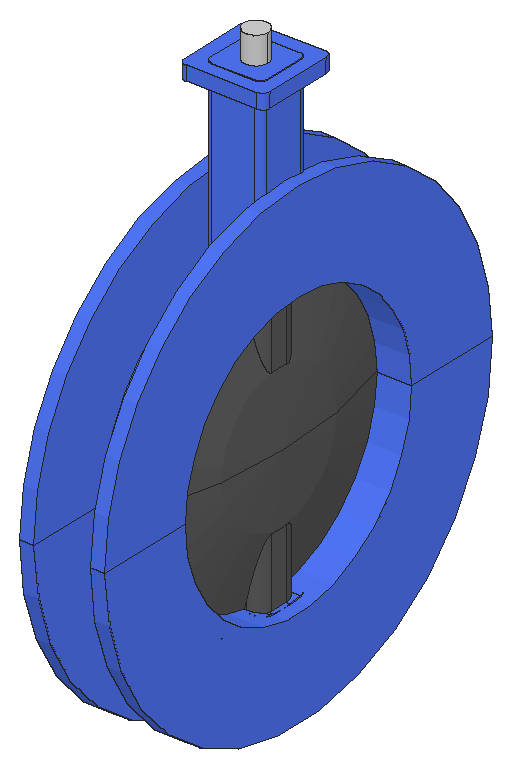
Revit family "820-20-028-DN150-1600", category Generic Models, Revit 2019
Family settings
  Can host rebar = No
  Round Connector Dimension = Use Diameter
  Part Type = Normal
  Work Plane-Based = No
  Always vertical = Yes
  Cut with Voids When Loaded = No
  Shared = No
  Room Calculation Point = No
Parameters (values of type "DN0200_PN10")
  W2_ref = size_lookup(Search_table, "W2", 0 mm, DN)  # 240 mm
  URL product pages = "https://www.avkvalves.com/P.aspx?no=820015020041E0160002"
  Search_table = "820-20-028-DN150-1600"
  L_ref_3 = L_ref / 1.2  # 33.333 mm
  L_ref_2 = L_ref * 1.5  # 60 mm
  L_ref = L - (Flange_thickness * 2)  # 40 mm
  L2 = size_lookup(Search_table, "L2", 0 mm, DN) / 2  # 170 mm
  L = size_lookup(Search_table, "L", 0 mm, DN)  # 60 mm
  ID = DN / 2  # 100 mm
  H2 = size_lookup(Search_table, "H2", 0 mm, DN)  # 170 mm
  Flange_thickness = size_lookup(Search_table, "Flange_Thickness", 0 mm, DN)  # 10 mm
  F2 = size_lookup(Search_table, "F2", 0 mm, DN)  # 19 mm
  F = size_lookup(Search_table, "F", 0 mm, DN)  # 17 mm
  Description_ = "AVK CENTRIC U-SECTION BUTTERFLY VALVE"
  DN = 200 mm
  Body_wallthickness = 10 mm  # constant formula
  820-1600-20-04040161002 = "DN1600_PN16"
  820-1600-20-04040031002 = "DN1600_PN10"
  820-1400-20-04040161002 = "DN1400_PN16"
  820-1400-20-04040031002 = "DN1400_PN10"
  820-1200-20-04040161002 = "DN1200_PN16"
  820-1200-20-04040031002 = "DN1200_PN10"
  820-1100-20-04040161002 = "DN1100_PN16"
  820-1100-20-04040031002 = "DN1100_PN10"
  820-1000-20-04040161002 = "DN1000_PN16"
  820-1000-20-04040031002 = "DN1000_PN10"
  820-0900-20-04040161002 = "DN900_PN16"
  820-0900-20-04040031002 = "DN900_PN10"
  820-0800-20-04040161002 = "DN800_PN16"
  820-0800-20-04040031002 = "DN800_PN10"
  820-0700-20-04040161002 = "DN700_PN16"
  820-0700-20-04040031002 = "DN700_PN10"
  820-0600-20-04040161002 = "DN600_PN16"
  820-0600-20-04040031002 = "DN600_PN10"
  820-0500-20-04040161002 = "DN500_PN16"
  820-0500-20-04040031002 = "DN500_PN10"
  820-0450-20-04040161002 = "DN450_PN16"
  820-0450-20-04040031002 = "DN450_PN10"
  820-0400-20-04010160002 = "DN400_PN16"
  820-0400-20-04010030002 = "DN400_PN10"
  820-0350-20-04010160002 = "DN350_PN16"
  820-0350-20-04010030002 = "DN350_PN10"
  820-0300-20-041E0160002 = "DN300_PN16"
  820-0300-20-041E0030002 = "DN300_PN10"
  820-0250-20-041E0160002 = "DN250_PN16"
  820-0250-20-041E0030002 = "DN250_PN10"
  820-0200-20-041E0160002 = "DN200_PN16"
  820-0200-20-041E0030002 = "DN200_PN10"
  820-0150-20-041E0160002 = "DN150_PN 10/16"
Types (34, lengths in mm): name | W2_ref | L_ref_3 | L_ref_2 | L_ref | L2 | L | ID | H2 | Flange_thickness | F2 | F | DN
  (no name) | 240 | 33.333 | 60 | 40 | 170 | 60 | 100 | 170 | 10 | 19 | 17 | 200
  DN0150_PN10/16 | 210 | 30 | 54 | 36 | 142.5 | 56 | 75 | 143 | 10 | 16 | 14 | 150
  DN0200_PN10 | 240 | 33.333 | 60 | 40 | 170 | 60 | 100 | 170 | 10 | 19 | 17 | 200
  DN0200_PN16 | 240 | 33.333 | 60 | 40 | 170 | 60 | 100.05 | 170 | 10 | 19 | 17 | 200.1
  DN0250_PN10 | 279 | 40 | 72 | 48 | 203 | 68 | 125 | 200 | 10 | 24 | 22 | 250
  DN0250_PN16 | 279 | 40 | 72 | 48 | 203 | 68 | 125.05 | 200 | 10 | 24 | 22 | 250.1
  DN0300_PN10 | 315 | 48.333 | 87 | 58 | 241 | 78 | 150 | 239 | 10 | 24 | 22 | 300
  DN0300_PN16 | 315 | 48.333 | 87 | 58 | 241 | 78 | 150.05 | 239 | 10 | 24 | 22 | 300.1
  DN0350_PN10 | 330 | 46.667 | 84 | 56 | 266.5 | 80 | 175 | 265 | 12 | 40 | 22 | 350
  DN0350_PN16 | 330 | 46.667 | 84 | 56 | 266.5 | 80 | 175.05 | 265 | 12 | 40 | 22 | 350.1
  DN0400_PN10 | 365 | 65 | 117 | 78 | 298.5 | 102 | 200 | 296 | 12 | 40 | 27 | 400
  DN0400_PN16 | 365 | 65 | 117 | 78 | 298.5 | 102 | 200.05 | 296 | 12 | 40 | 27 | 400.1
  DN0450_PN10 | 397 | 69.167 | 124.5 | 83 | 320 | 113 | 225 | 355 | 15 | 65 | 45 | 450
  DN0450_PN16 | 397 | 69.167 | 124.5 | 83 | 320 | 113 | 225.05 | 355 | 15 | 65 | 45 | 450.1
  DN0500_PN10 | 437 | 76.667 | 138 | 92 | 357.5 | 126 | 250 | 393 | 17 | 65 | 45 | 500
  DN0500_PN16 | 437 | 76.667 | 138 | 92 | 357.5 | 126 | 250.05 | 393 | 17 | 65 | 45 | 500.1
  DN0600_PN10 | 522 | 99.167 | 178.5 | 119 | 420 | 153 | 300 | 464 | 17 | 80 | 70 | 600
  DN0600_PN16 | 522 | 99.167 | 178.5 | 119 | 420 | 153 | 300.05 | 464 | 17 | 80 | 70 | 600.1
  DN0700_PN10 | 565 | 108.333 | 195 | 130 | 463.5 | 168 | 350 | 503 | 19 | 80 | 70 | 700
  DN0700_PN16 | 565 | 108.333 | 195 | 130 | 463.5 | 168 | 350.05 | 503 | 19 | 80 | 70 | 700.1
  DN0800_PN10 | 627 | 123.333 | 222 | 148 | 530 | 190 | 400 | 577 | 21 | 80 | 70 | 800
  DN0800_PN16 | 627 | 123.333 | 222 | 148 | 530 | 190 | 400.05 | 577 | 21 | 80 | 70 | 800.1
  DN0900_PN10 | 696 | 131.667 | 237 | 158 | 585 | 204 | 450 | 643 | 23 | 100 | 80 | 900
  DN0900_PN16 | 696 | 131.667 | 237 | 158 | 585 | 204 | 450.05 | 643 | 23 | 100 | 80 | 900.1
  DN1000_PN10 | 745 | 140 | 252 | 168 | 627.5 | 218 | 500 | 693 | 25 | 100 | 80 | 1000
  DN1000_PN16 | 745 | 140 | 252 | 168 | 627.5 | 218 | 500.05 | 693 | 25 | 100 | 80 | 1000.1
  DN1100_PN10 | 820 | 140 | 252 | 168 | 697.5 | 218 | 550 | 738 | 25 | 100 | 80 | 1100
  DN1100_PN16 | 820 | 140 | 252 | 168 | 697.5 | 218 | 550.05 | 738 | 25 | 100 | 80 | 1100.1
  DN1200_PN10 | 881 | 166.667 | 300 | 200 | 742.5 | 254 | 600 | 806 | 27 | 120 | 100 | 1200
  DN1200_PN16 | 881 | 166.667 | 300 | 200 | 742.5 | 254 | 600.05 | 806 | 27 | 120 | 100 | 1200.1
  DN1400_PN10 | 990 | 185 | 333 | 222 | 873 | 280 | 700 | 908 | 29 | 120 | 120 | 1400
  DN1400_PN16 | 990 | 185 | 333 | 222 | 873 | 280 | 700.05 | 908 | 29 | 120 | 120 | 1400.1
  DN1600_PN10 | 1117 | 216.667 | 390 | 260 | 962 | 318 | 800 | 1048 | 29 | 155 | 130 | 1600
  DN1600_PN16 | 1117 | 216.667 | 390 | 260 | 962 | 318 | 800.05 | 1048 | 29 | 155 | 130 | 1600.1
Reference planes
  plane 1 "Center (Front/Back)": y = 0
  plane 2: z = 0
  plane 3 "Center (Left/Right)": x = 0
  plane 4: z = 240
  plane 5: z = -170
  plane 6: y = 20
  plane 7: x = -20
  plane 8: y = -20
  plane 9: x = 20
  plane 10: x = -15
  plane 11: x = 15
  plane 12: y = -15
  plane 13: y = -15
  plane 14: x = -15
  plane 15: x = 15
  plane 16: y = 15
  plane 17: y = 15
  plane 18: y = 30
  plane 19: x = 30
  plane 20: y = -30
  plane 21: x = -30
  plane 22: x = 25
  plane 23: y = 24.506
  plane 24: y = -25
  plane 25: x = 25
  plane 26: x = -24.715
  plane 27: y = -25
  plane 28: y = 24.506
  plane 29: x = -24.715
  plane 30: z = 259
  plane 31: y = 16.667
  plane 32: x = -16.667
  plane 33: x = 16.667
  plane 34: y = -16.667
  plane 35: x = -6.667
  plane 36: x = 6.667
  plane 37: y = 6.667
  plane 38: y = -6.667
  plane 39: x = 6.667
  plane 40: x = -6.667
  plane 41: y = -6.667
  plane 42: y = 6.667
  plane 43: z = 100
  plane 44: z = -100
  plane 45: y = 170
  plane 46: y = -170
Forms (mm)
  Revolve 1, solid, material "Plastic"
    sketch origin (0, 0, 0) x (1, 0, 0) y (0, 1, 0)
      loop
        line (-20, 170) -> (-30, 170) -> (-30, 100) -> (30, 100) -> (30, 170) -> (20, 170) -> (20, 110) -> (-20, 110) -> (-20, 170)
      axis (-30, 0) -> (30, 0)
    angle from 0 to 360
  Extrusion 2, solid, material "Plastic"
    sketch origin (0, 0, 0) x (1, 0, 0) y (0, 1, 0)
      loop
        arc (-15, 20) -> (-18.536, 18.536) -> (-20, 15) r 5
        line (-20, 15) -> (-20, -15)
        arc (-20, -15) -> (-18.536, -18.536) -> (-15, -20) r 5
        line (-15, -20) -> (15, -20)
        arc (15, -20) -> (18.536, -18.536) -> (20, -15) r 5
        line (20, -15) -> (20, 15)
        arc (20, 15) -> (18.536, 18.536) -> (15, 20) r 5
        line (15, 20) -> (-15, 20)
    from -170 to 240
  Extrusion 3, solid, material "Plastic"
    sketch origin (0, 0, 0) x (1, 0, 0) y (0, 1, 0)
      loop
        arc (-24.715, 30) -> (-28.527, 28.378) -> (-30, 24.506) r 5.289
        line (-30, 24.506) -> (-30, -25)
        arc (-30, -25) -> (-28.434, -28.638) -> (-24.715, -30) r 5.008
        line (-24.715, -30) -> (25, -30)
        arc (25, -30) -> (28.536, -28.536) -> (30, -25) r 5
        line (30, -25) -> (30, 24.506)
        arc (30, 24.506) -> (28.563, 28.22) -> (25, 30) r 5.518
        line (25, 30) -> (-24.715, 30)
    from 230 to 240
  Extrusion 4, solid, material "Stainless Steel AISI 304"
    sketch origin (0, 0, 0) x (1, 0, 0) y (0, 1, 0)
      loop
        circle (0, 0) r 8.5
    from 240 to 259
  Revolve 5, void
    sketch origin (0, 0, 0) x (1, 0, 0) y (0, 1, 0)
      loop
        line (-30, 100) -> (-30, 0) -> (30, 0) -> (30, 100) -> (-30, 100)
      axis (-30, 0) -> (30, 0)
    angle from 0 to 360
  Revolve 6, solid, material "Rubber, Black"
    sketch origin (0, 0, 0) x (1, 0, 0) y (0, 1, 0)
      loop
        line (-20, 0) -> (20, 0)
        arc (20, 0) -> (16.81, 50.647) -> (5, 100) r 295.425
        line (5, 100) -> (-5, 100)
        arc (-5, 100) -> (-16.81, 50.647) -> (-20, 0) r 295.425
      axis (-20, 0) -> (20, 0)
    angle from 0 to 360
  Extrusion 7, solid, material "Rubber, Black"
    sketch origin (0, 0, 0) x (1, 0, 0) y (0, 1, 0)
      loop
        arc (-6.667, 16.667) -> (-13.738, 13.738) -> (-16.667, 6.667) r 10
        line (-16.667, 6.667) -> (-16.667, -6.667)
        arc (-16.667, -6.667) -> (-13.738, -13.738) -> (-6.667, -16.667) r 10
        line (-6.667, -16.667) -> (6.667, -16.667)
        arc (6.667, -16.667) -> (13.738, -13.738) -> (16.667, -6.667) r 10
        line (16.667, -6.667) -> (16.667, 6.667)
        arc (16.667, 6.667) -> (13.738, 13.738) -> (6.667, 16.667) r 10
        line (6.667, 16.667) -> (-6.667, 16.667)
    from -100 to 100
Cuts and joins
  Revolve 5 cuts Revolve 1
  Revolve 5 cuts Extrusion 2
Dimensions and locks
  equal spacing: Revolve 1 sketch curve, plane 3 "Center (Left/Right)", Revolve 1 sketch curve
  "ID": plane 1 "Center (Front/Back)" to Revolve 1 sketch curve
  "L": Revolve 1 sketch curve to Revolve 1 sketch curve
  "Body_wallthickness": Revolve 1 sketch curve to Revolve 1 sketch curve
  "L2": plane 1 "Center (Front/Back)" to Revolve 1 sketch curve
  "Flange_thickness": Revolve 1 sketch curve to Revolve 1 sketch curve  (x2)
  "W2_ref": plane 4 to level
  "H2": level to plane 5
  locked: plane 7 to plane 10 at 5
  locked: plane 11 to plane 9 at 5
  locked: plane 6 to plane 16 at 5
  locked: plane 12 to plane 8 at 5
  locked: plane 15 to plane 9 at 5
  locked: plane 7 to plane 14 at 5
  locked: plane 13 to plane 8 at 5
  locked: plane 17 to plane 6 at 5
  equal spacing: plane 7, plane 3 "Center (Left/Right)", plane 9
  "L_ref": plane 7 to plane 9
  equal spacing: plane 6, plane 1 "Center (Front/Back)", plane 8
  "L_ref": plane 6 to plane 8
  equal spacing: plane 21, plane 3 "Center (Left/Right)", plane 19
  equal spacing: plane 18, plane 1 "Center (Front/Back)", plane 20
  "L_ref_2": plane 21 to plane 19
  "L_ref_2": plane 18 to plane 20
  locked: plane 18 to plane 23 at 5.494
  locked: plane 24 to plane 20 at 5
  locked: plane 25 to plane 19 at 5
  locked: plane 21 to plane 26 at 5.285
  locked: plane 27 to plane 20 at 5
  locked: plane 28 to plane 18 at 5.494
  locked: plane 21 to plane 29 at 5.285
  locked: plane 22 to plane 19 at 5
  "Flange_thickness": plane 4 to Extrusion 3
  "F2": plane 30 to plane 4
  "ID": plane 1 "Center (Front/Back)" to Revolve 5 sketch curve
  "ID": Revolve 6 sketch curve to plane 1 "Center (Front/Back)"
  equal spacing: Revolve 6 sketch curve, plane 3 "Center (Left/Right)", Revolve 6 sketch curve  (x2)
  "Flange_thickness": Revolve 6 sketch curve to Revolve 6 sketch curve
  "L_ref": Revolve 6 sketch curve to Revolve 6 sketch curve
  "Flange_thickness": plane 36 to plane 33
  "Flange_thickness": plane 31 to plane 37
  "Flange_thickness": plane 32 to plane 35
  "Flange_thickness": plane 42 to plane 31
  "Flange_thickness": plane 41 to plane 34
  "Flange_thickness": plane 32 to plane 40
  "Flange_thickness": plane 39 to plane 33
  "Flange_thickness": plane 38 to plane 34
  equal spacing: plane 32, plane 3 "Center (Left/Right)", plane 33
  "L_ref_3": plane 32 to plane 33
  equal spacing: plane 31, plane 1 "Center (Front/Back)", plane 34
  "L_ref_3": plane 31 to plane 34
  equal spacing: plane 43, level, plane 44
  "ID": plane 43 to level
  equal spacing: plane 45, plane 1 "Center (Front/Back)", plane 46
  "L2": plane 1 "Center (Front/Back)" to plane 46
  plane 45 to plane 46 = 340 mm
  "F": diameter of Extrusion 4 sketch curve
  aligned and locked: level to plane 2
  aligned and locked: Revolve 1 sketch curve to Revolve 1 sketch curve
  aligned and locked: plane 1 "Center (Front/Back)" to Revolve 1 sketch curve
  aligned and locked: plane 11 to Extrusion 2 sketch curve
  aligned and locked: plane 6 to Extrusion 2 sketch curve  (x2)
  aligned and locked: plane 16 to Extrusion 2 sketch curve
  aligned and locked: plane 9 to Extrusion 2 sketch curve  (x2)
  aligned and locked: plane 12 to Extrusion 2 sketch curve
  aligned and locked: plane 8 to Extrusion 2 sketch curve  (x2)
  aligned and locked: plane 15 to Extrusion 2 sketch curve
  aligned and locked: plane 14 to Extrusion 2 sketch curve
  aligned and locked: plane 7 to Extrusion 2 sketch curve  (x2)
  aligned and locked: plane 13 to Extrusion 2 sketch curve
  aligned and locked: plane 17 to Extrusion 2 sketch curve
  aligned and locked: plane 10 to Extrusion 2 sketch curve
  aligned and locked: plane 4 to Extrusion 2
  aligned and locked: Extrusion 2 to plane 5
  aligned and locked: plane 29 to Extrusion 3 sketch curve
  aligned and locked: plane 18 to Extrusion 3 sketch curve  (x2)
  aligned and locked: plane 22 to Extrusion 3 sketch curve
  aligned and locked: plane 19 to Extrusion 3 sketch curve  (x2)
  aligned and locked: plane 23 to Extrusion 3 sketch curve
  aligned and locked: plane 24 to Extrusion 3 sketch curve
  aligned and locked: plane 20 to Extrusion 3 sketch curve  (x2)
  aligned and locked: plane 25 to Extrusion 3 sketch curve
  aligned and locked: plane 26 to Extrusion 3 sketch curve
  aligned and locked: plane 21 to Extrusion 3 sketch curve  (x2)
  aligned and locked: plane 27 to Extrusion 3 sketch curve
  aligned and locked: plane 28 to Extrusion 3 sketch curve
  aligned and locked: plane 4 to Extrusion 3
  aligned and locked: plane 30 to Extrusion 4
  aligned and locked: Extrusion 4 to plane 4
  aligned and locked: Revolve 5 sketch curve to Revolve 1
  aligned and locked: Revolve 5 sketch curve to plane 1 "Center (Front/Back)"
  aligned and locked: Revolve 1 to Revolve 5 sketch curve
  aligned and locked: Revolve 5 sketch curve to Revolve 5 sketch curve
  aligned and locked: plane 1 "Center (Front/Back)" to Revolve 6 sketch curve
  aligned and locked: Revolve 6 sketch curve to Revolve 6 sketch curve
  aligned and locked: Extrusion 7 sketch curve to plane 36
  aligned and locked: plane 31 to Extrusion 7 sketch curve  (x2)
  aligned and locked: plane 37 to Extrusion 7 sketch curve
  aligned and locked: plane 33 to Extrusion 7 sketch curve  (x2)
  aligned and locked: plane 38 to Extrusion 7 sketch curve
  aligned and locked: plane 34 to Extrusion 7 sketch curve  (x2)
  aligned and locked: Extrusion 7 sketch curve to plane 39
  aligned and locked: Extrusion 7 sketch curve to plane 40
  aligned and locked: plane 32 to Extrusion 7 sketch curve  (x2)
  aligned and locked: plane 41 to Extrusion 7 sketch curve
  aligned and locked: plane 42 to Extrusion 7 sketch curve
  aligned and locked: Extrusion 7 sketch curve to plane 35
  aligned and locked: plane 43 to Extrusion 7
  aligned and locked: Extrusion 7 to plane 44
  aligned and locked: plane 3 "Center (Left/Right)" to nested 1
Automatic sketch dimensions
  Revolve 1 sketch curve to plane 3 "Center (Left/Right)" = 13 mm
  plane 3 "Center (Left/Right)" to Revolve 1 sketch curve = 18 mm
  plane 1 "Center (Front/Back)" to Extrusion 4 sketch curve = 0 mm
  Extrusion 4 sketch curve to plane 3 "Center (Left/Right)" = 0 mm
  plane 3 "Center (Left/Right)" to Revolve 5 sketch curve = 30 mm
  Revolve 5 sketch curve to plane 3 "Center (Left/Right)" = 14 mm
  Revolve 5 sketch curve to Revolve 5 sketch curve = 13 mm
  Revolve 6 sketch curve to plane 1 "Center (Front/Back)" = 6.823 mm  (x2)
  Revolve 6 sketch curve to plane 3 "Center (Left/Right)" = 1.894 mm
  Revolve 6 sketch curve to Revolve 6 sketch curve = 1.894 mm
Nested families
  nested 1: "Latest New 3" at (0, -110, 0.001) x (1, 0, 0) z (0, -1, 0), type "Latest New 3"
Connectors
  piping at (30, 0, 0), diameter 200, driven by "DN"
    settings: on Revolve 1, index 1, connector inside diameter 609.6 mm, connector length 0 mm, flow factor 0, pipe flow 0.0 L/s, pressure drop 0.0 Pa, fitting loss kfactor 0, connector angle 0.00°, fixture units 0, engagement length 0 mm, angle of deflection 0.00°, flow configuration 0, flow direction 0, fitting loss method 0, system type 7, joint type 0, gender type 0, connector reference index -1, connector utility 0, adjustable connector no, is connector primary yes, connector description ""
  piping at (-30, 0, 0), diameter 200, driven by "DN"
    settings: on Revolve 1, index 2, connector inside diameter 609.6 mm, connector length 0 mm, flow factor 0, pipe flow 0.0 L/s, pressure drop 0.0 Pa, fitting loss kfactor 0, connector angle 0.00°, fixture units 0, engagement length 0 mm, angle of deflection 0.00°, flow configuration 0, flow direction 0, fitting loss method 0, system type 7, joint type 0, gender type 0, connector reference index -1, connector utility 0, adjustable connector no, is connector primary no, connector description ""
Definition of nested family "Latest New 3"
  Parameters
    Default Elevation = 1219.2 mm
  Reference planes
    plane 1 "Center (Front/Back)": y = 0
    plane 2: z = 0
    plane 3 "Center (Left/Right)": x = 0
  Forms (mm)
    Extrusion 1, solid
      sketch origin (0, 0, 0) x (1, 0, 0) y (0, 1, 0)
        loop
          line (-1219.2, 1219.2) -> (-1219.2, -1219.2) -> (1219.2, -1219.2) -> (1219.2, 1219.2) -> (-1219.2, 1219.2)
      from 0 to -304.8
    Extrusion 2, solid
      sketch origin (0, 0, 0) x (1, 0, 0) y (0, 1, 0)
        loop
          line (-2.683, 9.413) -> (-9.884, 9.413) -> (-9.884, 7.46) -> (-4.022, 7.46) -> (-0.985, 0) -> (0.985, 0) -> (4.022, 7.46) -> (9.884, 7.46) -> (9.884, 9.413) -> (2.683, 9.413) -> (0, 2.824) -> (-2.683, 9.413)
        loop
          line (-4.528, 6.707) -> (-9.884, 6.707) -> (-9.884, 4.824) -> (-8.032, 4.824) -> (-9.884, 0) -> (-7.792, 0) -> (-7.394, 1.035) -> (-4.328, 1.035) -> (-3.907, 0) -> (-1.798, 0) -> (-4.528, 6.707)
        loop
          line (-6.91, 2.824) -> (-5.056, 2.824) -> (-6.01, 5.167) -> (-6.91, 2.824)
        loop
          line (1.798, 0) -> (3.907, 0) -> (4.98, 2.637) -> (6.968, 0) -> (9.413, 0) -> (7.166, 2.983)
          arc (7.166, 2.983) -> (8.216, 3.774) -> (9.007, 4.824) r 4.724
          line (9.007, 4.824) -> (9.884, 4.824) -> (9.884, 6.707) -> (8.001, 6.707)
          arc (8.001, 6.707) -> (7.315, 5.008) -> (5.642, 4.261) r 2.448
          line (5.642, 4.261) -> (6.637, 6.707) -> (4.528, 6.707) -> (1.798, 0)
      from 0 to 1
  Dimensions and locks
    aligned and locked: plane 2 to Extrusion 1
    aligned and locked: level to Extrusion 1
    aligned and locked: Extrusion 2 sketch curve to import instance  (x30)
